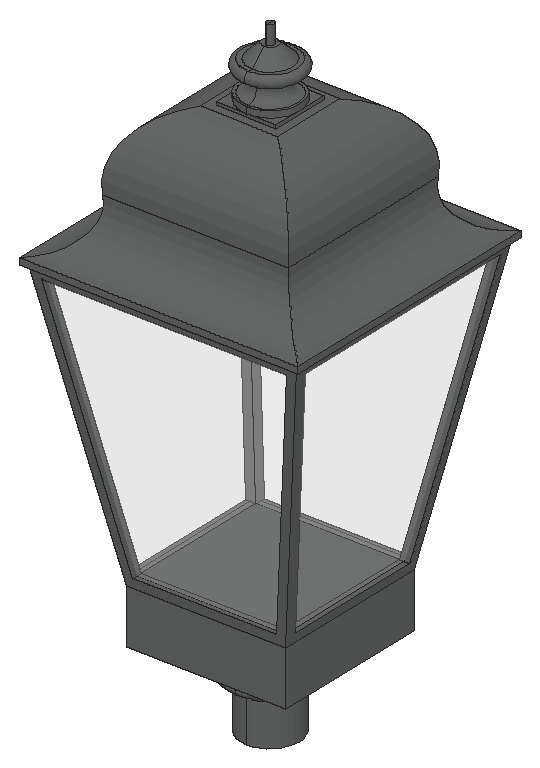
Revit family "TRA30-PT", category Lighting Fixtures, host Face, Revit 2021
Family settings
  Host = Face
  Round Connector Dimension = Use Diameter
  Part Type = Normal
  OmniClass Number = 23.80.70.11
  OmniClass Title = Luminaries for Internal Lighting
  Cut with Voids When Loaded = No
  Light Source = Yes
  Shared = No
  Room Calculation Point = No
Parameters (values of type "TRA30")
  Wattage Comments = "55-136 W"
  Wattage = 136 W
  built-in parameter 1150110 = 1 (stored number, unit not read)
  Voltage = 120 V
  URL = "https://www.currentlighting.com/beacon"
  built-in parameter 1114217 = 1 (stored number, unit not read)
  Tilt Angle = 90.00°
  built-in parameter 1150109 = 1 (stored number, unit not read)
  built-in parameter 1150134 = 3
  built-in parameter 1150113 = 1 (stored number, unit not read)
  Product Page URL = ""
  Product Documentation Link = ""
  Photometric Web File = "TRA30-AC-60NB-136-5K-UNV-DIR5.ies"
  Model = "Traditional-PT"  # constant formula
  Manufacturer = "Beacon Products"  # constant formula
  built-in parameter 1150105 = 1607.6 (stored number, unit not read)
  Lumens = 20201.7 lm
  built-in parameter 1150115 = 1 (stored number, unit not read)
  built-in parameter 1150137 = (empty or 0)
  built-in parameter 1150139 = (empty or 0)
  Light Bulb Material = Glass
  built-in parameter 1150112 = 1 (stored number, unit not read)
  built-in parameter 1150114 = 1 (stored number, unit not read)
  Lamp = "LED Array"
  built-in parameter 1150132 = (empty or 0)
  built-in parameter 1150102 = (empty or 0)
  built-in parameter 1150107 = 3200 (stored number, unit not read)
  built-in parameter 1150138 = (empty or 0)
  built-in parameter 1150106 = 16.076 (stored number, unit not read)
  Finish = Paint - Basic Black Textured
  Emit from Line Length = 4.000"  # constant formula
  built-in parameter 1150104 = 13.8 (stored number, unit not read)
  Dimming Lamp Color Temperature Shift = <None>
  Description = "30 Inch Traditional Luminaire"  # constant formula
  Default Elevation = 48.000"
  Color Filter = 16777215
  built-in parameter 1114218 = 1 (stored number, unit not read)
  built-in parameter 1150133 = 10 (stored number, unit not read)
  Apparent Load = 0 VA
Reference planes (in)
  plane 1 "Center (Front/Back)": y = 0.03999
  plane 2: z = 0
  plane 3 "Center (Left/Right)": x = 0.00649
  plane 4: z = 2.5
  plane 5: y = 1.53999
  plane 6: y = -1.46001
Forms (in)
  Revolve 1, solid, material "Paint - Basic Black Textured" <- "Finish"
    sketch origin (0.00649, 0, 0) x (0, 1, 0) y (0, 0, 1)
      loop
        line (0.03999, 2.5) -> (-1.46001, 2.5) -> (-1.46001, 0) -> (0.03999, 0) -> (0.03999, 2.5)
      axis (0.03999, 2.5) -> (0.03999, 0)
    angle from 0 to 360
Dimensions and locks (in)
  host sketch curve to plane 1 "Center (Front/Back)" to host sketch curve = 48.03999", 47.96001"
  host sketch curve to plane 3 "Center (Left/Right)" to host sketch curve = 48.00649", 47.99351"
  locked: plane 4 to plane 2 at 2.5
  equal spacing: plane 5, plane 1 "Center (Front/Back)", plane 6
  locked: plane 5 to plane 1 "Center (Front/Back)" at 1.5
  aligned and locked: plane 2 to host face
  aligned and locked: level to host face
  aligned and locked: plane 1 "Center (Front/Back)" to Revolve 1 sketch curve
  aligned and locked: plane 4 to Revolve 1 sketch curve
  aligned and locked: Revolve 1 sketch curve to plane 1 "Center (Front/Back)"
  aligned and locked: Revolve 1 sketch curve to level
  aligned and locked: plane 6 to Revolve 1 sketch curve
  aligned and locked: nested 1 to plane 1 "Center (Front/Back)"
  aligned and locked: nested 1 to plane 3 "Center (Left/Right)"
  aligned and locked: imposter light to nested 1
  aligned and locked: nested 1 to imposter light
Automatic sketch dimensions
  Revolve 1 sketch curve to Revolve 1 sketch curve = 1.500"
  Revolve 1 sketch curve to Revolve 1 sketch curve = 9.000"
Nested families (in)
  nested 1: "Traditional" at (0.01298, 0.07998, 2.5) x (-1, 0, 0) z (0, 0, 1), Finish <- "Finish", type "Traditional"
    with Finish Paint - Basic Black Textured
Connectors (in)
  electrical at (0, 0, 0), driven by "Voltage", driven by "Description"
    settings: on host face, index 1, voltage 120 V, apparent load 0 VA, apparent load phase1 0 VA, apparent load phase2 0 VA, apparent load phase3 0 VA, power factor 1, load classification "Other", number of poles 1, system type 30, power factor state 1, is connector primary yes, connector utility no, sub classification motor no, connector description "30 Inch Traditional Luminaire"
Definition of nested family "Traditional"
  Parameters
    Wattage Comments = "55 W"
    Voltage = 120 V
    URL = "http://www.beaconproducts.com/"
    Product Page URL = "http://www.beaconproducts.com/products/tivoli"
    Product Documentation Link = "http://www.beaconproducts.com/content/products/specs/specs_files/TIV_37_LED_spec_sheet.pdf"
    Model = "Tivoli"  # constant formula
    Manufacturer Phone = "(800)-345-4928"  # constant formula
    Manufacturer Fax = "(941)-751-5535"  # constant formula
    Manufacturer = "Beacon Lighting"  # constant formula
    Light Bulb Material = none
    Lamp = "LED Lamp"
    Finish [instance] = none
    Description = "OpenÊorÊlensedÊbottomÊavailableÊwhenÊconfiguredÊpendantÊoption,ÊconsultÊ\r\nfactory"  # constant formula
    Default Elevation = 48.000"
    Apparent Load = 0 VA
  Reference planes (in)
    plane 1 "Center (Front/Back)": y = 0.03999
    plane 2: z = 0
    plane 3 "Center (Left/Right)": x = 0.00649
    plane 4: z = 0
    plane 5: z = 32.5
    plane 6: z = 3
    plane 7: z = 23.5
    plane 8: z = 8
    plane 9: x = -7.11851
    plane 10: x = 7.13149
    plane 11: y = 7.16499
    plane 12: y = -7.08501
    plane 13: z = 30
  Forms (in)
    Extrusion 1, solid
      sketch origin (0, 0, 0.06357) x (1, 0, 0) y (0, 1, 0)
        loop
          line (-48, 48) -> (-48, -48) -> (48, -48) -> (48, 48) -> (-48, 48)
      from -0.06357 to -17.74365
    Sweep 2, solid, material <- "Finish"
      path origin (0, 0, 0) x (1, 0, 0) y (0, 1, 0)
        loop
          line (-7.11851, 7.16499) -> (-7.11851, -7.08501) -> (7.13149, -7.08501) -> (7.13149, 7.16499) -> (-7.11851, 7.16499)
      profile origin (0.00649, 7.16499, 0) x (0, 1, 0) y (0, 0, 1)
        loop
          line (-5.13216, 0.5) -> (-3.02272, 1.69933) -> (-3.02272, 4.5) -> (-0.25, 19.5) -> (0, 19.5) -> (0, 19.82595)
          arc (0, 19.82595) -> (-1.80708, 20.60847) -> (-2.35428, 22.50014) r 2.31025
          arc (-2.35428, 22.50014) -> (-2.95257, 25.00112) -> (-5.14626, 26.34297) r 3.35333
          line (-5.14626, 26.34297) -> (-5.59406, 26.34297) -> (-5.59406, 26.5) -> (-6.02272, 26.5) -> (-6.02272, 0.5) -> (-5.13216, 0.5)
    Extrusion 3, solid, material <- "Finish"
      sketch origin (0, 0, 0) x (1, 0, 0) y (0, 1, 0)
        loop
          line (-1.09579, 1.14227) -> (-1.09579, -1.06229) -> (1.10877, -1.06229) -> (1.10877, 1.14227) -> (-1.09579, 1.14227)
      from 0.5 to 26.5
    Revolve 4, solid, material <- "Finish"
      sketch origin (0.00649, 0, 0) x (0, 1, 0) y (0, 0, 1)
        loop
          line (2.03283, 0.5) -> (0.03999, 0.5) -> (0.03999, 0) -> (2.03283, 0)
          arc (2.03283, 0) -> (2.28283, 0.25) -> (2.03283, 0.5) r 0.25
        axis (0.03999, 0.5) -> (0.03999, 0)
      angle from 0 to 360
    Revolve 5, solid, material <- "Finish"
      sketch origin (0.00649, 0, 0) x (0, 1, 0) y (0, 0, 1)
        loop
          line (1.57094, 26.5) -> (1.57094, 26.80653) -> (1.41766, 26.80653)
          arc (1.41766, 26.80653) -> (0.91766, 27.30653) -> (1.41766, 27.80653) r 0.5
          arc (1.41766, 27.80653) -> (1.69898, 28.08784) -> (1.41766, 28.36916) r 0.28131
          line (1.41766, 28.36916) -> (1.16766, 28.36916) -> (0.45074, 29.08608) -> (0.23974, 29.08608) -> (0.23974, 30) -> (0.03999, 30) -> (0.03999, 26.5) -> (1.57094, 26.5)
        axis (0.03999, 30) -> (0.03999, 26.5)
      angle from 0 to 360
    Extrusion 6, void
      sketch origin (0.00649, 0, 0) x (0, 1, 0) y (0, 0, 1)
        loop
          line (6.3141, 19) -> (-6.23411, 19) -> (-3.64624, 5) -> (3.72622, 5) -> (6.3141, 19)
      from -7.125 to 7.125
    Extrusion 7, void
      sketch origin (0, 0.03999, 0) x (1, 0, 0) y (0, 0, 1)
        loop
          line (6.28059, 19) -> (-6.26762, 19) -> (-3.67974, 5) -> (3.69272, 5) -> (6.28059, 19)
      from -7.125 to 7.125
    Sweep 8, solid, material <- "Light Bulb Material"
      path origin (0, 0, 0) x (1, 0, 0) y (0, 1, 0)
        loop
          line (-7.11851, 7.16499) -> (-7.11851, -7.08501) -> (7.13149, -7.08501) -> (7.13149, 7.16499) -> (-7.11851, 7.16499)
      profile origin (0.00649, 7.16499, 0) x (0, 1, 0) y (0, 0, 1)
        loop
          line (-3.43877, 5) -> (-3.18453, 5) -> (-0.59666, 19) -> (-0.85089, 19) -> (-3.43877, 5)
    Extrusion 9, void
      sketch origin (0, 0, 0) x (1, 0, 0) y (0, 1, 0)
        loop
          line (-2.32619, 2.29715) -> (-2.32619, -2.20285) -> (2.31901, -2.20285) -> (2.31901, 2.29715) -> (-2.32619, 2.29715)
      from 19 to 19.5
    Extrusion 10, solid, material <- "Light Bulb Material"
      sketch origin (0, 0, 0) x (1, 0, 0) y (0, 1, 0)
        loop
          line (-2.32619, 2.29715) -> (-2.32619, -2.20285) -> (2.31901, -2.20285) -> (2.31901, 2.29715) -> (-2.32619, 2.29715)
      from 19.33574 to 19
  Cuts and joins
    Extrusion 6, Extrusion 7, Extrusion 9 cuts Sweep 2
    Extrusion 6, Extrusion 7, Extrusion 9 cuts Extrusion 3
    Extrusion 6, Extrusion 7, Extrusion 9 cuts Revolve 4
    Extrusion 6, Extrusion 7, Extrusion 9 cuts Revolve 5
    joined: Sweep 2, Extrusion 3, Revolve 4, Revolve 5
  Dimensions and locks (in)
    Extrusion 1 sketch curve to plane 1 "Center (Front/Back)" to Extrusion 1 sketch curve = 48.03999", 47.96001"
    Extrusion 1 sketch curve to plane 3 "Center (Left/Right)" to Extrusion 1 sketch curve = 48.00649", 47.99351"
    locked: plane 6 to plane 4 at 3
    locked: plane 5 to plane 7 at 9
    locked: plane 5 to plane 4 at 32.5
    locked: plane 8 to plane 6 at 5
    equal spacing: plane 11, plane 1 "Center (Front/Back)", plane 12
    locked: plane 1 "Center (Front/Back)" to plane 12 at 7.125
    equal spacing: plane 9, plane 3 "Center (Left/Right)", plane 10
    plane 9 to plane 10 = 14.250"
    locked: plane 9 to plane 3 "Center (Left/Right)" at 7.125
    locked: plane 5 to plane 13 at 2.5
    aligned and locked: plane 2 to Extrusion 1
    aligned and locked: level to Extrusion 1
    aligned and locked: level to plane 4
    aligned and locked: Sweep 2 sketch curve to plane 11
    aligned and locked: plane 9 to Sweep 2 sketch curve
    aligned and locked: plane 12 to Sweep 2 sketch curve
    aligned and locked: Sweep 2 sketch curve to plane 10
    aligned and locked: Extrusion 3 sketch curve to Sweep 2  (x4)
    aligned and locked: plane 1 "Center (Front/Back)" to Revolve 4 sketch curve
    aligned and locked: cut or joined group of Sweep 2, Extrusion 3, Revolve 4, Revolve 5, Extrusion 6, Extrusion 7, Extrusion 9 to Extrusion 3
    aligned and locked: plane 1 "Center (Front/Back)" to Revolve 5 sketch curve
    aligned and locked: Extrusion 6 to plane 9
    aligned and locked: plane 10 to Extrusion 6
    aligned and locked: plane 11 to Extrusion 7
    aligned and locked: Extrusion 7 to plane 12
    aligned and locked: Sweep 8 sketch curve to cut or joined group of Sweep 2, Extrusion 3, Revolve 4, Revolve 5, Extrusion 6, Extrusion 7, Extrusion 9  (x6)
    aligned and locked: cut or joined group of Sweep 2, Extrusion 3, Revolve 4, Revolve 5, Extrusion 6, Extrusion 7, Extrusion 9 to Sweep 8 sketch curve
    aligned and locked: Extrusion 9 to Sweep 2
    aligned and locked: Extrusion 9 to Extrusion 6
    aligned and locked: cut or joined group of Sweep 2, Extrusion 3, Revolve 4, Revolve 5, Extrusion 6, Extrusion 7, Extrusion 9 to Extrusion 10
  Automatic sketch dimensions
    Revolve 4 sketch curve to plane 1 "Center (Front/Back)" = 0.000"
    Revolve 4 sketch curve to level = 0.000"
    level to Revolve 4 sketch curve = 0.500"
    Revolve 4 sketch curve to Revolve 4 sketch curve = 1.99284"
    plane 6 to Revolve 4 sketch curve = 1.44723"
    Revolve 4 sketch curve to Revolve 4 sketch curve = 1.500"
    Sweep 2 sketch curve to profile plane = 0.000"
    profile plane to Sweep 2 sketch curve = 0.07306"
    Sweep 2 sketch curve to Sweep 2 sketch curve = 0.250"
    Sweep 2 sketch curve to Sweep 2 sketch curve = 2.28122"
    Sweep 2 sketch curve to Sweep 2 sketch curve = 0.000"
    profile plane to Sweep 2 sketch curve = 3.02272"
    level to Sweep 2 sketch curve = 0.500"
    Sweep 2 sketch curve to Sweep 2 sketch curve = 2.10944"
    Sweep 2 sketch curve to Sweep 2 sketch curve = 2.79198"
    Sweep 2 sketch curve to Sweep 2 sketch curve = 0.4478"
    Sweep 2 sketch curve to Sweep 2 sketch curve = 0.07141"
    Sweep 2 sketch curve to Sweep 2 sketch curve = 0.42867"
    level to Sweep 2 sketch curve = 1.69933"
    Sweep 2 sketch curve to Sweep 2 sketch curve = 2.80067"
    Sweep 2 sketch curve to Sweep 2 sketch curve = 15.000"
    Sweep 2 sketch curve to Sweep 2 sketch curve = 0.32595"
    Sweep 2 sketch curve to Sweep 2 sketch curve = 2.3091"
    Sweep 2 sketch curve to Sweep 2 sketch curve = 0.15703"
    Revolve 5 sketch curve to plane 1 "Center (Front/Back)" = 0.000"
    Revolve 5 sketch curve to plane 13 = 0.000"
    Revolve 5 sketch curve to plane 1 "Center (Front/Back)" = 0.19975"
    Revolve 5 sketch curve to Revolve 5 sketch curve = 0.21099"
    Revolve 5 sketch curve to Revolve 5 sketch curve = 0.71693"  (x2)
    Revolve 5 sketch curve to Revolve 5 sketch curve = 0.250"
    Revolve 5 sketch curve to Revolve 5 sketch curve = 0.15327"
    Revolve 5 sketch curve to plane 13 = 0.91392"
    Revolve 5 sketch curve to Revolve 5 sketch curve = 0.28131"
    Revolve 5 sketch curve to Revolve 5 sketch curve = 0.000"
    Revolve 5 sketch curve to Revolve 5 sketch curve = 0.500"
    Revolve 5 sketch curve to Revolve 5 sketch curve = 0.30653"
    Revolve 5 sketch curve to plane 7 = 2.750"
    plane 5 to Revolve 5 sketch curve = 1.500"
    plane 12 to Extrusion 6 sketch curve = 0.85089"
    plane 12 to Extrusion 6 sketch curve = 3.43877"
    Extrusion 6 sketch curve to plane 11 = 3.43877"
    Extrusion 6 sketch curve to plane 11 = 0.85089"
    plane 6 to Extrusion 6 sketch curve = 2.000"
    Extrusion 6 sketch curve to plane 7 = 4.500"
    Extrusion 7 sketch curve to plane 10 = 0.85089"
    plane 6 to Extrusion 7 sketch curve = 2.000"
    plane 9 to Extrusion 7 sketch curve = 3.43877"
    plane 9 to Extrusion 7 sketch curve = 0.85089"
    Extrusion 7 sketch curve to plane 7 = 4.500"
    Extrusion 7 sketch curve to plane 10 = 3.43877"
    Sweep 8 sketch curve to Sweep 8 sketch curve = 0.25424"  (x2)
    Extrusion 9 sketch curve to plane 3 "Center (Left/Right)" = 2.33267"
    plane 1 "Center (Front/Back)" to Extrusion 9 sketch curve = 2.24284"
    Extrusion 9 sketch curve to plane 1 "Center (Front/Back)" = 2.25716"
    plane 3 "Center (Left/Right)" to Extrusion 9 sketch curve = 2.31252"
    Extrusion 10 sketch curve to plane 3 "Center (Left/Right)" = 2.33267"
    plane 3 "Center (Left/Right)" to Extrusion 10 sketch curve = 2.31252"
    plane 1 "Center (Front/Back)" to Extrusion 10 sketch curve = 2.24284"
    Extrusion 10 sketch curve to plane 1 "Center (Front/Back)" = 2.25716"
